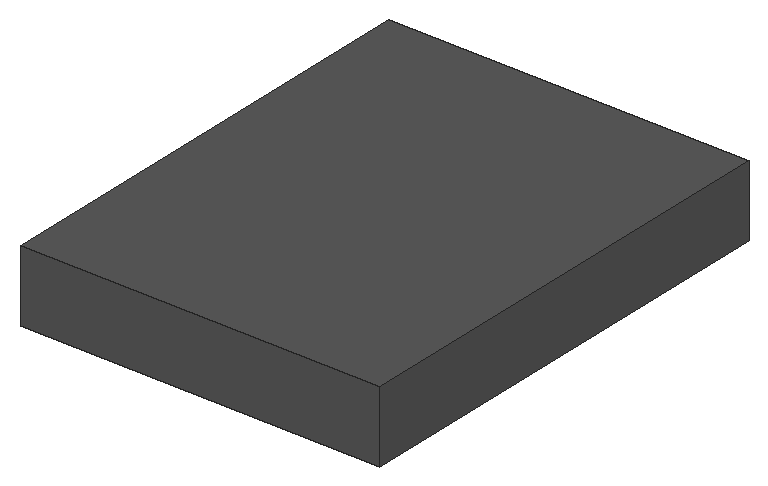
Revit family "FA xx02", category Communication Devices, Revit 2020
Family settings
  Maintain Annotation Orientation = No
  Round Connector Dimension = Use Diameter
  Part Type = Normal
  Work Plane-Based = Yes
  Always vertical = No
  Cut with Voids When Loaded = Yes
  Shared = No
  Room Calculation Point = No
Parameters
  Weight (kg) [instance] = 2.6  # constant formula
  Voltage [instance] = "100 - 250 VAC"  # constant formula
  Model = "FA xx02"
  Manufacturer = "Lab Gruppen"
  Default Elevation = 0 mm
  Current (Max) [instance] = 1  # constant formula
Reference planes
  plane 1 "Center (Front/Back)": y = 0
  plane 2: z = 0
  plane 3 "Center (Left/Right)": x = 0
  plane 4 "Rear panel": y = 278
  plane 5 "Front Panel": y = -2
Forms (mm)
  Extrusion 1, solid, material "Aluminium, Black"
    sketch origin (0, 0, 0) x (1, 0, 0) y (0, 0, 1)
      loop
        line (-108.999, 0) -> (108.999, 0) -> (108.999, 43.409) -> (-108.999, 43.409) -> (-108.999, 0)
    from 2 to -278
  Extrusion 2, void
    sketch origin (0, 278, 0) x (1, 0, 0) y (0, 0, 1)
      loop
        line (91.847, 28.878) -> (65.396, 28.878) -> (65.396, 9.945) -> (91.847, 9.945) -> (91.847, 28.878)
    from 0 to 20
  Extrusion 3, void
    sketch origin (-92.225, 278, 0) x (1, 0, 0) y (0, 0, 1)
      loop
        line (84.187, 35.614) -> (66.622, 35.614) -> (66.622, 9.945) -> (84.187, 9.945) -> (84.187, 35.614)
    from 0 to 20
Cuts and joins
  Extrusion 2, Extrusion 3 cuts Extrusion 1
Lines and regions (mm)
  Split face 1
    outline origin (0, -2, 0) x (1, 0, 0) y (0, 0, 1)
      loop
        line (2.245, 35.805) -> (2.245, 30.102) -> (99.216, 30.102) -> (99.216, 35.805) -> (2.245, 35.805)
  Split face 2
    outline origin (108.999, 278, 0) x (0, 0, -1) y (-1, 0, 0)
      loop
        line (-35.614, 137.804) -> (-26.643, 137.804) -> (-26.643, 142.126) -> (-24.149, 142.126) -> (-24.149, 144.621) -> (-26.643, 144.621) -> (-26.643, 148.792) -> (-24.149, 148.792) -> (-24.149, 151.287) -> (-26.643, 151.287) -> (-26.643, 155.609) -> (-35.614, 155.609) -> (-35.614, 137.804)
  Split face 3
    outline origin (108.999, 278, 0) x (0, 0, -1) y (-1, 0, 0)
      loop
        line (-35.614, 176.779) -> (-26.643, 176.779) -> (-26.643, 181.1) -> (-24.149, 181.1) -> (-24.149, 183.595) -> (-26.643, 183.595) -> (-26.643, 187.767) -> (-24.149, 187.767) -> (-24.149, 190.262) -> (-26.643, 190.262) -> (-26.643, 194.583) -> (-35.614, 194.583) -> (-35.614, 176.779)
  Split face 4
    outline origin (108.999, 278, 0) x (0, 0, -1) y (-1, 0, 0)
      loop
        line (-34.09, 139.453) -> (-34.09, 138.648) -> (-28.176, 138.648) -> (-28.176, 154.69) -> (-34.09, 154.69) -> (-34.09, 153.905)
        arc (-34.09, 153.905) -> (-34.905, 151.758) -> (-34.09, 149.61) r 3.237
        line (-34.09, 149.61) -> (-34.09, 148.828)
        arc (-34.09, 148.828) -> (-34.905, 146.68) -> (-34.09, 144.533) r 3.237
        line (-34.09, 144.533) -> (-34.09, 143.748)
        arc (-34.09, 143.748) -> (-34.905, 141.6) -> (-34.09, 139.453) r 3.237
  Split face 5
    outline origin (108.999, 278, 0) x (0, 0, -1) y (-1, 0, 0)
      loop
        line (-34.09, 178.427) -> (-34.09, 177.623) -> (-28.176, 177.623) -> (-28.176, 193.664) -> (-34.09, 193.664) -> (-34.09, 192.88)
        arc (-34.09, 192.88) -> (-34.905, 190.732) -> (-34.09, 188.585) r 3.237
        line (-34.09, 188.585) -> (-34.09, 187.802)
        arc (-34.09, 187.802) -> (-34.905, 185.655) -> (-34.09, 183.507) r 3.237
        line (-34.09, 183.507) -> (-34.09, 182.722)
        arc (-34.09, 182.722) -> (-34.905, 180.575) -> (-34.09, 178.427) r 3.237
  Split face 6
    outline origin (108.999, 278, 0) x (0, 0, -1) y (-1, 0, 0)
      loop
        line (-35.603, 100.425) -> (-35.603, 69.407) -> (-26.632, 69.407) -> (-26.632, 77.8) -> (-24.138, 77.8) -> (-24.138, 80.295) -> (-26.632, 80.295) -> (-26.632, 89.536) -> (-24.138, 89.536) -> (-24.138, 92.032) -> (-26.632, 92.032) -> (-26.632, 100.425) -> (-35.603, 100.425)
  Split face 7
    outline origin (108.999, 278, 0) x (0, 0, -1) y (-1, 0, 0)
      loop
        line (-34.09, 80.192) -> (-34.09, 79.391)
        arc (-34.09, 79.391) -> (-34.715, 77.244) -> (-34.09, 75.096) r 4
        line (-34.09, 75.096) -> (-34.09, 74.237) -> (-28.09, 74.237) -> (-28.09, 95.609) -> (-34.09, 95.609) -> (-34.09, 94.824)
        arc (-34.09, 94.824) -> (-34.715, 92.677) -> (-34.09, 90.529) r 4
        line (-34.09, 90.529) -> (-34.09, 89.567)
        arc (-34.09, 89.567) -> (-34.715, 87.42) -> (-34.09, 85.272) r 4
        line (-34.09, 85.272) -> (-34.09, 84.487)
        arc (-34.09, 84.487) -> (-34.715, 82.34) -> (-34.09, 80.192) r 4
  Split face 8
    outline origin (108.999, 278, 0) x (0, 0, -1) y (-1, 0, 0)
      loop
        circle (-28.839, 169.516) r 2.5
  Split face 9
    outline origin (108.999, 278, 0) x (0, 0, -1) y (-1, 0, 0)
      loop
        circle (-28.839, 208.49) r 2.574
  Split face 10
    outline origin (108.999, -2, 0) x (0, 0, 1) y (-1, 0, 0)
      loop
        line (33.294, 16.342) -> (32.296, 16.342) -> (32.296, 15.344) -> (33.294, 15.344) -> (33.294, 16.342)
  Split face 11
    outline origin (108.999, -2, 0) x (0, 0, 1) y (-1, 0, 0)
      loop
        line (33.294, 41.691) -> (32.296, 41.691) -> (32.296, 40.693) -> (33.294, 40.693) -> (33.294, 41.691)
  Split face 12
    outline origin (108.999, -2, 0) x (0, 0, 1) y (-1, 0, 0)
      loop
        line (33.294, 56.267) -> (32.296, 56.267) -> (32.296, 55.269) -> (33.294, 55.269) -> (33.294, 56.267)
  model lines
    curve 1: line (2.494, -2, 28.945) -> (98.963, -2, 28.945)
    curve 2: line (1.094, -2, 35.513) -> (1.094, -2, 30.345)
    curve 3: line (98.963, -2, 36.961) -> (2.542, -2, 36.961)
    curve 4: line (100.363, -2, 30.345) -> (100.363, -2, 35.561)
    curve 5: arc (2.542, -2, 36.961) -> (1.518, -2, 36.537) -> (1.094, -2, 35.513) r 1.448
    curve 6: arc (1.094, -2, 30.345) -> (1.504, -2, 29.356) -> (2.494, -2, 28.945) r 1.4
    curve 7: arc (100.363, -2, 35.561) -> (99.953, -2, 36.551) -> (98.963, -2, 36.961) r 1.4
    curve 8: arc (98.963, -2, 28.945) -> (99.953, -2, 29.356) -> (100.363, -2, 30.345) r 1.4
    curve 9: line (52.628, 278, 35.614) -> (43.067, 278, 35.614)
    curve 10: line (52.628, 278, 25.136) -> (52.628, 278, 35.614)
    curve 11: line (43.067, 278, 25.136) -> (52.628, 278, 25.136)
    curve 12: line (43.067, 278, 35.614) -> (43.067, 278, 25.136)
    curve 13: line (51.18, 278, 32.869) -> (49.583, 278, 32.869)
    curve 14: line (51.18, 278, 27.879) -> (51.18, 278, 32.869)
    curve 15: line (49.583, 278, 27.879) -> (51.18, 278, 27.879)
    curve 16: line (49.583, 278, 32.869) -> (49.583, 278, 27.879)
    curve 17: line (48.645, 278, 32.869) -> (47.048, 278, 32.869)
    curve 18: line (48.645, 278, 27.879) -> (48.645, 278, 32.869)
    curve 19: line (47.048, 278, 27.879) -> (48.645, 278, 27.879)
    curve 20: line (47.048, 278, 32.869) -> (47.048, 278, 27.879)
    curve 21: line (46.11, 278, 32.869) -> (44.514, 278, 32.869)
    curve 22: line (46.11, 278, 27.879) -> (46.11, 278, 32.869)
    curve 23: line (44.514, 278, 27.879) -> (46.11, 278, 27.879)
    curve 24: line (44.514, 278, 32.869) -> (44.514, 278, 27.879)
    curve 25: line (5.095, 278, 35.614) -> (-4.467, 278, 35.614)
    curve 26: line (5.095, 278, 25.136) -> (5.095, 278, 35.614)
    curve 27: line (-4.467, 278, 25.136) -> (5.095, 278, 25.136)
    curve 28: line (-4.467, 278, 35.614) -> (-4.467, 278, 25.136)
    curve 29: line (3.646, 278, 32.869) -> (2.05, 278, 32.869)
    curve 30: line (3.646, 278, 27.879) -> (3.646, 278, 32.869)
    curve 31: line (2.05, 278, 27.879) -> (3.646, 278, 27.879)
    curve 32: line (2.05, 278, 32.869) -> (2.05, 278, 27.879)
    curve 33: line (-0.485, 278, 27.879) -> (1.094, 278, 27.879)
    curve 34: line (-0.485, 278, 32.869) -> (-0.485, 278, 27.879)
    curve 35: line (1.094, 278, 32.869) -> (-0.485, 278, 32.869)
    curve 36: line (1.094, 278, 27.879) -> (1.094, 278, 32.869)
    curve 37: line (-1.423, 278, 27.879) -> (-3.02, 278, 27.879)
    curve 38: line (-1.423, 278, 32.869) -> (-1.423, 278, 27.879)
    curve 39: line (-3.02, 278, 32.869) -> (-1.423, 278, 32.869)
    curve 40: line (-3.02, 278, 27.879) -> (-3.02, 278, 32.869)
    curve 41: line (-48.07, 278, 31.894) -> (-52.062, 278, 31.894)
    curve 42: line (-48.07, 278, 26.106) -> (-48.07, 278, 31.894)
    curve 43: line (-52.062, 278, 26.106) -> (-48.07, 278, 26.106)
    curve 44: line (-52.062, 278, 31.894) -> (-52.062, 278, 26.106)
    curve 45: line (-48.225, 278, 29.325) -> (-51.908, 278, 29.325)
    curve 46: line (-48.225, 278, 26.475) -> (-48.225, 278, 29.325)
    curve 47: line (-51.908, 278, 26.475) -> (-48.225, 278, 26.475)
    curve 48: line (-51.908, 278, 29.325) -> (-51.908, 278, 26.475)
    curve 49: line (-87.044, 278, 31.894) -> (-91.036, 278, 31.894)
    curve 50: line (-87.044, 278, 26.106) -> (-87.044, 278, 31.894)
    curve 51: line (-91.036, 278, 26.106) -> (-87.044, 278, 26.106)
    curve 52: line (-91.036, 278, 31.894) -> (-91.036, 278, 26.106)
    curve 53: line (-87.199, 278, 29.325) -> (-90.883, 278, 29.325)
    curve 54: line (-87.199, 278, 26.475) -> (-87.199, 278, 29.325)
    curve 55: line (-90.883, 278, 26.475) -> (-87.199, 278, 26.475)
    curve 56: line (-90.883, 278, 29.325) -> (-90.883, 278, 26.475)
    curve 57: circle (-60.517, 278, 28.839) r 3.216 normal (0, -1, 0)
    curve 58: circle (-99.492, 278, 28.839) r 3.216 normal (0, -1, 0)
    curve 59: circle (36.758, 278, 31.391) r 1.248 normal (0, 1, 0)
    curve 60: circle (11.409, 278, 31.39) r 1.248 normal (0, 1, 0)
Dimensions and locks
  aligned and locked: level to plane 2
Nested families
  nested 1: "IEC" at (78.622, 278, 18.945) x (-1, 0, 0) z (0, 1, 0), type "IEC"
  nested 2: "RJ45 x2 chassis mount" at (-16.825, 278, 17.223) x (-1, 0, 0) z (0, 1, 0), type "RJ45 x2 chassis mount"
Connectors
  electrical at (78.591, 280, 19.42)
    settings: on nested 1, index 1, voltage 120 V, apparent load 0 VA, apparent load phase1 0 VA, apparent load phase2 0 VA, apparent load phase3 0 VA, power factor 1, load classification "Other", number of poles 1, system type 31, power factor state 1, is connector primary yes, connector utility no, sub classification motor no, connector description "100-240VAC IEC"
  electrical at (24.078, 278, 33.09)
    settings: on cut or joined group of Extrusion 1, Extrusion 2, Extrusion 3, index 2, voltage 0 V, apparent load 0 VA, apparent load phase1 0 VA, apparent load phase2 0 VA, apparent load phase3 0 VA, power factor 1, load classification "Other", number of poles 1, system type 14, power factor state 1, is connector primary no, connector utility no, sub classification motor no, connector description "Speaker Out - 4pin"
  electrical at (-37.677, 278, 32.907)
    settings: on cut or joined group of Extrusion 1, Extrusion 2, Extrusion 3, index 3, voltage 0 V, apparent load 0 VA, apparent load phase1 0 VA, apparent load phase2 0 VA, apparent load phase3 0 VA, power factor 1, load classification "Other", number of poles 1, system type 14, power factor state 1, is connector primary no, connector utility no, sub classification motor no, connector description "Analog In - 3pin"
  electrical at (-76.651, 278, 32.907)
    settings: on cut or joined group of Extrusion 1, Extrusion 2, Extrusion 3, index 4, voltage 0 V, apparent load 0 VA, apparent load phase1 0 VA, apparent load phase2 0 VA, apparent load phase3 0 VA, power factor 1, load classification "Other", number of poles 1, system type 14, power factor state 1, is connector primary no, connector utility no, sub classification motor no, connector description "Analog In - 3pin"
  electrical at (-16.821, 279.5, 22.745)
    settings: on nested 2, index 5, voltage 0 V, apparent load 0 VA, apparent load phase1 0 VA, apparent load phase2 0 VA, apparent load phase3 0 VA, power factor 1, load classification "Other", number of poles 1, system type 13, power factor state 1, is connector primary no, connector utility no, sub classification motor no, connector description "Remote - RJ45"
Definition of nested family "IEC"
  Parameters (values of type "IEC")
    Default Elevation = 1219.2 mm
  Reference planes
    plane 1 "Center (Front/Back)": y = 0
    plane 2: z = 0
    plane 3 "Center (Left/Right)": x = 0
  Forms (mm)
    Extrusion 1, void
      sketch origin (0, 0, 0) x (1, 0, 0) y (0, 1, 0)
        loop
          arc (12, 6.432) -> (11.268, 8.2) -> (9.5, 8.932) r 2.5
          line (9.5, 8.932) -> (-9.5, 8.932)
          arc (-9.5, 8.932) -> (-11.268, 8.2) -> (-12, 6.432) r 2.5
          line (-12, 6.432) -> (-12, -3) -> (-7, -8) -> (7, -8) -> (12, -3) -> (12, 6.432)
      from 2 to -15
    Extrusion 2, solid
      sketch origin (0, 0.834, 0) x (1, 0, 0) y (0, 1, 0)
        loop
          arc (-12.127, 11.082) -> (-14.248, 10.203) -> (-15.127, 8.082) r 3
          line (-15.127, 8.082) -> (-15.127, -8.8)
          arc (-15.127, -8.8) -> (-14.248, -10.921) -> (-12.127, -11.8) r 3
          line (-12.127, -11.8) -> (12.188, -11.8)
          arc (12.188, -11.8) -> (14.309, -10.921) -> (15.188, -8.8) r 3
          line (15.188, -8.8) -> (15.188, 8.082)
          arc (15.188, 8.082) -> (14.309, 10.203) -> (12.188, 11.082) r 3
          line (12.188, 11.082) -> (-12.127, 11.082)
      from 2 to 0
    Extrusion 3, solid
      sketch origin (0, 0, 0) x (1, 0, 0) y (0, 1, 0)
        loop
          line (-8, 3.6) -> (-8, -0.4) -> (-6, -0.4) -> (-6, 3.6) -> (-8, 3.6)
      from 1 to -15
    Extrusion 4, solid
      sketch origin (7, -4, 0) x (1, 0, 0) y (0, 1, 0)
        loop
          line (-8, 3.6) -> (-8, -0.4) -> (-6, -0.4) -> (-6, 3.6) -> (-8, 3.6)
      from 1 to -15
    Extrusion 5, solid
      sketch origin (14, 0, 0) x (1, 0, 0) y (0, 1, 0)
        loop
          line (-8, 3.6) -> (-8, -0.4) -> (-6, -0.4) -> (-6, 3.6) -> (-8, 3.6)
      from 1 to -15
    Extrusion 6, void
      sketch origin (0, 0, 0) x (1, 0, 0) y (0, 1, 0)
        loop
          arc (-11.5, 10.742) -> (-13.268, 10.01) -> (-14, 8.242) r 2.5
          line (-14, 8.242) -> (-14, -7.466)
          arc (-14, -7.466) -> (-13.268, -9.234) -> (-11.5, -9.966) r 2.5
          line (-11.5, -9.966) -> (11.5, -9.966)
          arc (11.5, -9.966) -> (13.268, -9.234) -> (14, -7.466) r 2.5
          line (14, -7.466) -> (14, 8.242)
          arc (14, 8.242) -> (13.268, 10.01) -> (11.5, 10.742) r 2.5
          line (11.5, 10.742) -> (-11.5, 10.742)
      from 0 to -20
    Extrusion 7, solid
      sketch origin (0, 0.834, 0) x (1, 0, 0) y (0, 1, 0)
        loop
          arc (-11.5, 9.908) -> (-13.268, 9.176) -> (-14, 7.408) r 2.5
          line (-14, 7.408) -> (-14, -8.3)
          arc (-14, -8.3) -> (-13.268, -10.068) -> (-11.5, -10.8) r 2.5
          line (-11.5, -10.8) -> (11.5, -10.8)
          arc (11.5, -10.8) -> (13.268, -10.068) -> (14, -8.3) r 2.5
          line (14, -8.3) -> (14, 7.408)
          arc (14, 7.408) -> (13.268, 9.176) -> (11.5, 9.908) r 2.5
          line (11.5, 9.908) -> (-11.5, 9.908)
      from 0 to -20
  Cuts and joins
    Extrusion 1, Extrusion 6 cuts Extrusion 2
    Extrusion 1 cuts Extrusion 7
  Dimensions and locks
    aligned and locked: level to plane 2
Definition of nested family "RJ45 x2 chassis mount"
  Parameters
    Default Elevation = 1219.2 mm
  Reference planes
    plane 1 "Center (Front/Back)": y = 0
    plane 2: z = 0
    plane 3 "Center (Left/Right)": x = 0
  Forms (mm)
    Extrusion 1, void
      sketch origin (-12.612, 0, 0) x (1, 0, 0) y (0, 1, 0)
        loop
          line (6.713, 3.65) -> (6.713, -3.15) -> (9.313, -3.15) -> (9.313, -5.15) -> (10.763, -5.15) -> (10.763, -6.45) -> (14.463, -6.45) -> (14.463, -5.15) -> (15.913, -5.15) -> (15.913, -3.15) -> (18.513, -3.15) -> (18.513, 3.65) -> (6.713, 3.65)
      from -10 to 1.5
    Extrusion 2, solid
      sketch origin (0, 0, 0) x (1, 0, 0) y (0, 1, 0)
        loop
          line (-8.786, 18.392) -> (-8.786, -7.348) -> (8.779, -7.348) -> (8.779, 18.392) -> (-8.786, 18.392)
      from -15 to 1.5
    Extrusion 3, void
      sketch origin (0, 0, 0) x (1, 0, 0) y (0, 1, 0)
        loop
          line (-8.786, 18.392) -> (-8.786, -7.348) -> (8.779, -7.348) -> (8.779, 18.392) -> (-8.786, 18.392)
      from -15 to 0
    Extrusion 4, void
      sketch origin (12.613, 11.449, 0) x (-1, 0, 0) y (0, -1, 0)
        loop
          line (6.713, 3.65) -> (6.713, -3.15) -> (9.313, -3.15) -> (9.313, -5.15) -> (10.763, -5.15) -> (10.763, -6.45) -> (14.463, -6.45) -> (14.463, -5.15) -> (15.913, -5.15) -> (15.913, -3.15) -> (18.513, -3.15) -> (18.513, 3.65) -> (6.713, 3.65)
      from -10 to 1.5
  Cuts and joins
    Extrusion 1, Extrusion 4 cuts Extrusion 2
  Dimensions and locks
    aligned and locked: level to plane 2
